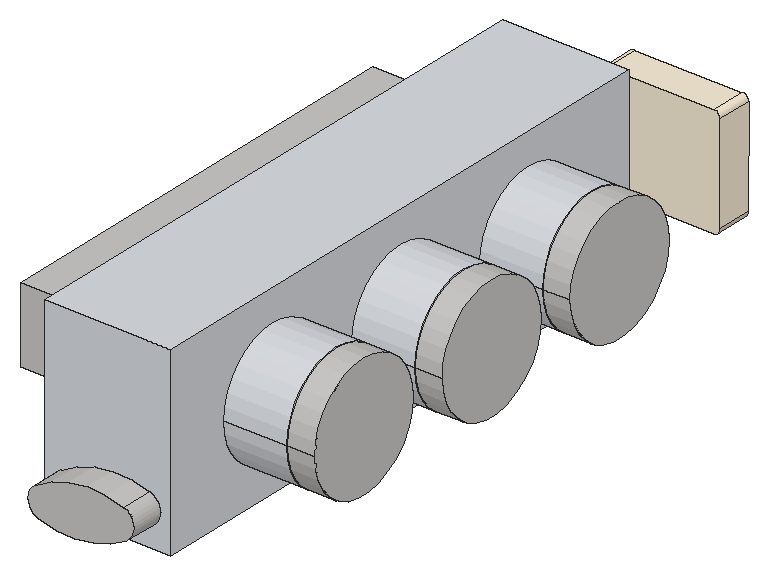
Revit family "HVAC_Ductwork_Airzone_Motorized-Plenum_Kaysun_Standard_3-Dampers", category Mechanical Equipment, Revit 2016
Family settings
  Part Type = Normal
  Round Connector Dimension = Use Diameter
  OmniClass Number = 23.75.70.14
  OmniClass Title = Air Ductwork
  Work Plane-Based = No
  Always vertical = Yes
  Cut with Voids When Loaded = No
  Shared = No
  Room Calculation Point = No
Parameters (values of type "KAYST01S3")
  Voltage = 230 V
  URL = "www.airzone.es"
  Type Image Comments = "Image available in product documentation download"  # constant formula
  Revit Model Version = "1.0"  # constant formula
  Revit Model Author URL = "www.a3d.es"
  Revit Model Author = "A3D Consulting"  # constant formula
  Product Documentation Download URL = "http://doc.airzone.es/BIM/Easyzone/Kaysun-Airzone_motorized_plenum.zip"
  Product Comments = "Refer to technical documentation for further details"  # constant formula
  Power Factor = 1
  Neck Width = 716.600 mm
  Neck Length = 95.000 mm
  Neck Height = 122.600 mm
  Material = Metal - AIRZONE - Galvanized Sheet - Semi-polished
  Main Control Board Material = Plastic - AIRZONE - Smooth - Off-white
  Load Classification = Other
  Insulated Body Width = 205.000 mm  # constant formula
  Insulated Body Material = Metal -AIRZONE - Insulating Lining -Aluminum Finish
  Insulated Body Length = 930.000 mm  # constant formula
  Insulated Body Height = 300.000 mm  # constant formula
  Flow [instance] = Damper 3 Air Flow + Damper 2 Air Flow + Damper 1 Air Flow - Fresh Air Inlet 2 Flow - Fresh Air Inlet 1 Flow  # 900 m³/h
  Fresh Air Inlet 1 Flow [instance] = 0 m³/h
  Fresh Air Inlet 2 Flow [instance] = 0 m³/h
  Fresh Air Inlet Connection Width = 175.000 mm
  Fresh Air Inlet Connection Height = 75.000 mm
  Model = "KAYST01S3"
  Neck Side Offset = 145.200 mm
  Neck Bottom Offset = 139.200 mm
  Type Image = <None>
  Manufacturer = "AIRZONE"  # constant formula
  Main Control Board Depth = 57.000 mm  # constant formula
  Main Control Board Width = 195.000 mm  # constant formula
  Main Control Board Height = 180.000 mm  # constant formula
  Fixing = ""
  Disclaimer = "All information provided in this model is reviewed before being published. However, Airzone cannot guarantee this model is error-free, therefore users are strongly encouraged to check for technical documentation and updates"  # constant formula
  Description = "Airzone standard motorized plenum with neck that mechanically adapts to the main ducted AC units of Kaysun."
  Type Comments = ""
  Dampers Length = 149.000 mm  # constant formula
  Dampers Diameter = 200.000 mm  # constant formula
  Damper 1 Air Flow [instance] = 300 m³/h
  Damper 2 Air Flow [instance] = 300 m³/h
  Damper 3 Air Flow [instance] = 300 m³/h
  Fresh Air Inlet Connection Offset Height = 48.305 mm  # constant formula
  Compatible Accesories = ""
  Apparent Load = 57.5 VA
Reference planes
  plane 1 "Center (Front/Back)": y = 0
  plane 2 "Center (Elevation)": z = 0
  plane 3 "Center (Left/Right)": x = 0
  plane 4 "Neck Back": y = 358.3
  plane 5 "Neck Front": y = -358.3
  plane 6 "Neck Top": z = 61.3
  plane 7 "Neck Bottom": z = -61.3
  plane 8 "Left": x = 95
  plane 9 "Bottom": z = -200.5
  plane 10 "Top": z = 99.5
  plane 11 "Front": y = -426.5
  plane 12 "Back": y = 503.5
  plane 13 "Right": x = 300
  plane 14 "Dampers Front": x = 449
  plane 15 "Dampers Center (Elevation)": z = -50.5
  plane 16 "Damper3": y = -221.5
  plane 17 "Damper2": y = 38.5
  plane 18 "Damper1": y = 298.5
  plane 19 "Middle": y = 38.5
  plane 20 "FreshAir Center (Elevation)": z = -152.195
  plane 21 "FreshAir1": y = 556
  plane 22 "FreshAir2": y = -479
  plane 23 "Dampers Lining": x = 404
  plane 24 "FreshAir Vertical Axis": x = 195.83
  plane 25 "ConnectionBox Side": x = 254
  plane 26 "Main Control Board Center (Left/Right)": x = 351.5
Forms (mm)
  Extrusion 1, solid, material "Metal - AIRZONE - Galvanized Sheet - Semi-polished" <- "Material"
    sketch origin (0, 0, 0) x (0, 1, 0) y (0, 0, 1)
      loop
        line (-358.3, 61.3) -> (-358.3, -61.3) -> (358.3, -61.3) -> (358.3, 61.3) -> (-358.3, 61.3)
    from 0 to 95
  Extrusion 2, solid, material "Metal -AIRZONE - Insulating Lining -Aluminum Finish" <- "Insulated Body Material"
    sketch origin (95, 0, 0) x (0, 1, 0) y (0, 0, 1)
      loop
        line (-426.5, 99.5) -> (-426.5, -200.5) -> (503.5, -200.5) -> (503.5, 99.5) -> (-426.5, 99.5)
    from 0 to 205
  Extrusion 3, solid, material "Metal - AIRZONE - Galvanized Sheet - Semi-polished" <- "Material"
    sketch origin (300, 0, 0) x (0, 1, 0) y (0, 0, 1)
      loop
        circle (-221.5, -50.5) r 100
    from 104 to 149
  Extrusion 4, solid, material "Metal - AIRZONE - Galvanized Sheet - Semi-polished" <- "Material"
    sketch origin (300, 0, 0) x (0, 1, 0) y (0, 0, 1)
      loop
        circle (38.5, -50.5) r 100
    from 104 to 149
  Extrusion 5, solid, material "Metal - AIRZONE - Galvanized Sheet - Semi-polished" <- "Material"
    sketch origin (300, 0, 0) x (0, 1, 0) y (0, 0, 1)
      loop
        circle (298.5, -50.5) r 100
    from 104 to 149
  Extrusion 6, solid, material "Metal - AIRZONE - Galvanized Sheet - Semi-polished" <- "Material"
    sketch origin (0, -426.5, 0) x (0, 0, 1) y (1, 0, 0)
      loop
        arc (-119.641, 265.204) -> (-141.108, 282.105) -> (-165.812, 270.434) r 25.96
        arc (-165.812, 270.434) -> (-191.802, 200.598) -> (-184.349, 126.456) r 164.67
        arc (-184.349, 126.456) -> (-163.165, 109.589) -> (-138.494, 120.751) r 25.96
        arc (-138.494, 120.751) -> (-112.225, 190.78) -> (-119.641, 265.204) r 164.67
    from 0 to -52.5
  Extrusion 7, solid, material "Metal - AIRZONE - Galvanized Sheet - Semi-polished" <- "Material"
    sketch origin (0, 503.5, 0) x (0, 0, 1) y (1, 0, 0)
      loop
        arc (-119.641, 265.204) -> (-140.825, 282.071) -> (-165.496, 270.909) r 25.96
        arc (-165.496, 270.909) -> (-191.679, 201.53) -> (-184.767, 127.699) r 164.67
        arc (-184.767, 127.699) -> (-163.532, 109.637) -> (-138.178, 121.226) r 25.96
        arc (-138.178, 121.226) -> (-112.188, 191.062) -> (-119.641, 265.204) r 164.67
    from 0 to 52.5
  Extrusion 8, solid, material "Metal -AIRZONE - Insulating Lining -Aluminum Finish" <- "Insulated Body Material"
    sketch origin (300, 0, 0) x (0, 1, 0) y (0, 0, 1)
      loop
        circle (298.5, -50.5) r 100
    from 0 to 104
  Extrusion 9, solid, material "Metal -AIRZONE - Insulating Lining -Aluminum Finish" <- "Insulated Body Material"
    sketch origin (300, -260, 0) x (0, 1, 0) y (0, 0, 1)
      loop
        circle (298.5, -50.5) r 100
    from 0 to 104
  Extrusion 10, solid, material "Metal -AIRZONE - Insulating Lining -Aluminum Finish" <- "Insulated Body Material"
    sketch origin (300, -520, 0) x (0, 1, 0) y (0, 0, 1)
      loop
        circle (298.5, -50.5) r 100
    from 0 to 104
Lines and regions (mm)
  Masking region 1
    outline origin (0, 0, 0) x (1, 0, 0) y (0, 1, 0)
      loop
        line (95, 503.5) -> (95, -426.5) -> (300, -426.5) -> (300, 503.5) -> (95, 503.5)
  Masking region 2, detail levels medium+fine
    outline origin (0, 0, 0) x (1, 0, 0) y (0, 1, 0)
      loop
        line (0, 358.3) -> (0, -358.3) -> (95, -358.3) -> (95, 358.3) -> (0, 358.3)
  Masking region 3, detail levels medium+fine
    outline origin (0, 0, 0) x (1, 0, 0) y (0, 1, 0)
      loop
        line (300, -121.5) -> (300, -321.5) -> (449, -321.5) -> (449, -121.5) -> (300, -121.5)
  Masking region 4, detail levels medium+fine
    outline origin (0, 260, 0) x (1, 0, 0) y (0, 1, 0)
      loop
        line (300, -121.5) -> (300, -321.5) -> (449, -321.5) -> (449, -121.5) -> (300, -121.5)
  Masking region 5, detail levels medium+fine
    outline origin (0, 520, 0) x (1, 0, 0) y (0, 1, 0)
      loop
        line (300, -121.5) -> (300, -321.5) -> (449, -321.5) -> (449, -121.5) -> (300, -121.5)
  Masking region 6, detail levels medium+fine
    outline origin (0, 0, -152.195) x (1, 0, 0) y (0, 1, 0)
      loop
        line (108.33, 556) -> (108.33, 503.5) -> (283.33, 503.5) -> (283.33, 556) -> (108.33, 556)
  Masking region 7, detail levels medium+fine
    outline origin (0, 0, -152.195) x (1, 0, 0) y (0, 1, 0)
      loop
        line (108.33, -426.5) -> (108.33, -479) -> (283.33, -479) -> (283.33, -426.5) -> (108.33, -426.5)
  Masking region 8, detail levels medium+fine
    outline origin (0, 0, 99.5) x (0, -1, 0) y (1, 0, 0)
      loop
        line (-560.5, 254) -> (-503.5, 254) -> (-503.5, 449) -> (-560.5, 449) -> (-560.5, 254)
  symbolic lines, detail levels coarse
    curve 1: line (95, -426.5, 0) -> (300, 38.5, 0)
    curve 2: line (300, 38.5, 0) -> (95, 503.5, 0)
Dimensions and locks
  equal spacing: plane 4 "Neck Back", plane 1 "Center (Front/Back)", plane 5 "Neck Front"
  "Neck Width": plane 4 "Neck Back" to plane 5 "Neck Front"
  equal spacing: plane 6 "Neck Top", level, plane 7 "Neck Bottom"
  "Neck Height": plane 6 "Neck Top" to plane 7 "Neck Bottom"
  "Neck Length": plane 3 "Center (Left/Right)" to plane 8 "Left"
  "Neck Bottom Offset": plane 7 "Neck Bottom" to plane 9 "Bottom"
  "Insulated Body Height": plane 10 "Top" to plane 9 "Bottom"
  "Insulated Body Length": plane 12 "Back" to plane 11 "Front"
  "Insulated Body Width": plane 8 "Left" to plane 13 "Right"
  "Dampers Length": plane 13 "Right" to plane 14 "Dampers Front"
  equal spacing: plane 10 "Top", plane 15 "Dampers Center (Elevation)", plane 9 "Bottom"
  plane 18 "Damper1" to plane 17 "Damper2" to plane 16 "Damper3" = 260.000 mm locked, 260.000 mm locked
  equal spacing: plane 12 "Back", plane 19 "Middle", plane 11 "Front"
  plane 8 "Left" to plane 13 "Right" = 205.000 mm
  "Fresh Air Inlet Connection Offset Height": plane 20 "FreshAir Center (Elevation)" to plane 9 "Bottom"
  locked: Extrusion 6 sketch curve to plane 9 "Bottom" at 56.47
  locked: plane 13 "Right" to Extrusion 6 sketch curve at 43.69
  locked: plane 13 "Right" to Extrusion 6 sketch curve at 164.65
  locked: Extrusion 6 sketch curve to plane 9 "Bottom" at 40.54
  locked: plane 13 "Right" to Extrusion 6 sketch curve at 87.91
  locked: plane 9 "Bottom" to Extrusion 6 sketch curve at 75.01
  locked: plane 13 "Right" to Extrusion 6 sketch curve at 120.43
  locked: Extrusion 6 sketch curve to plane 9 "Bottom" at 172.02
  locked: plane 13 "Right" to Extrusion 7 sketch curve at 43.69
  locked: Extrusion 7 sketch curve to plane 9 "Bottom" at 56.47
  locked: Extrusion 7 sketch curve to plane 9 "Bottom" at 40.54
  locked: plane 13 "Right" to Extrusion 7 sketch curve at 164.65
  locked: plane 13 "Right" to Extrusion 7 sketch curve at 120.43
  locked: Extrusion 7 sketch curve to plane 9 "Bottom" at 172.02
  locked: plane 9 "Bottom" to Extrusion 7 sketch curve at 75.01
  locked: plane 13 "Right" to Extrusion 7 sketch curve at 87.91
  "Neck Side Offset": plane 12 "Back" to plane 4 "Neck Back"
  equal spacing: plane 12 "Back", plane 17 "Damper2", plane 11 "Front"
  locked: plane 21 "FreshAir1" to plane 12 "Back" at 52.5
  plane 11 "Front" to plane 22 "FreshAir2" = 52.500 mm
  locked: connector elem to plane 13 "Right" at 104.17
  locked: plane 20 "FreshAir Center (Elevation)" to connector elem
  locked: plane 13 "Right" to connector elem at 104.17
  locked: connector elem to plane 20 "FreshAir Center (Elevation)"
  locked: plane 23 "Dampers Lining" to plane 14 "Dampers Front" at 45
  locked: plane 24 "FreshAir Vertical Axis" to plane 13 "Right" at 104.17
  equal spacing: Masking region 3 sketch curve, plane 16 "Damper3", Masking region 3 sketch curve
  "Dampers Diameter": Masking region 3 sketch curve to Masking region 3 sketch curve
  equal spacing: Masking region 4 sketch curve, plane 17 "Damper2", Masking region 4 sketch curve
  "Dampers Diameter": Masking region 4 sketch curve to Masking region 4 sketch curve
  equal spacing: Masking region 5 sketch curve, plane 18 "Damper1", Masking region 5 sketch curve
  "Dampers Diameter": Masking region 5 sketch curve to Masking region 5 sketch curve
  equal spacing: Masking region 6 sketch curve, plane 24 "FreshAir Vertical Axis", Masking region 6 sketch curve
  "Fresh Air Inlet Connection Width": Masking region 6 sketch curve to Masking region 6 sketch curve
  equal spacing: Masking region 7 sketch curve, plane 24 "FreshAir Vertical Axis", Masking region 7 sketch curve
  "Fresh Air Inlet Connection Width": Masking region 7 sketch curve to Masking region 7 sketch curve
  "Main Control Board Depth": Masking region 8 sketch curve to plane 12 "Back"
  "Main Control Board Width": plane 25 "ConnectionBox Side" to plane 14 "Dampers Front"
  equal spacing: plane 25 "ConnectionBox Side", plane 26 "Main Control Board Center (Left/Right)", plane 14 "Dampers Front"
  locked: nested 1 to plane 10 "Top" at 10
  "Dampers Diameter": diameter of Extrusion 3 sketch curve
  "Dampers Diameter": diameter of Extrusion 4 sketch curve
  "Dampers Diameter": diameter of Extrusion 5 sketch curve
  radius of Extrusion 7 sketch curve = 164.670 mm  (x2)
  radius of Extrusion 7 sketch curve = 25.960 mm  (x2)
  radius of Extrusion 6 sketch curve = 164.670 mm  (x2)
  radius of Extrusion 6 sketch curve = 25.960 mm  (x2)
  "Dampers Diameter": diameter of Extrusion 8 sketch curve
  "Dampers Diameter": diameter of Extrusion 9 sketch curve
  "Dampers Diameter": diameter of Extrusion 10 sketch curve
  aligned and locked: level to plane 2 "Center (Elevation)"
  aligned and locked: plane 5 "Neck Front" to Extrusion 1 sketch curve
  aligned and locked: Extrusion 1 sketch curve to plane 6 "Neck Top"
  aligned and locked: Extrusion 1 sketch curve to plane 4 "Neck Back"
  aligned and locked: plane 7 "Neck Bottom" to Extrusion 1 sketch curve
  aligned and locked: Extrusion 1 to plane 3 "Center (Left/Right)"
  aligned and locked: Extrusion 2 sketch curve to plane 10 "Top"
  aligned and locked: Extrusion 2 sketch curve to plane 12 "Back"
  aligned and locked: plane 9 "Bottom" to Extrusion 2 sketch curve
  aligned and locked: plane 11 "Front" to Extrusion 2 sketch curve
  aligned and locked: plane 13 "Right" to Extrusion 2
  aligned and locked: Extrusion 2 to plane 8 "Left"
  aligned and locked: plane 16 "Damper3" to Extrusion 3 sketch curve
  aligned and locked: plane 15 "Dampers Center (Elevation)" to Extrusion 3 sketch curve
  aligned and locked: plane 17 "Damper2" to Extrusion 4 sketch curve
  aligned and locked: plane 15 "Dampers Center (Elevation)" to Extrusion 4 sketch curve
  aligned and locked: plane 18 "Damper1" to Extrusion 5 sketch curve
  aligned and locked: plane 15 "Dampers Center (Elevation)" to Extrusion 5 sketch curve
  aligned and locked: plane 14 "Dampers Front" to Extrusion 5
  aligned and locked: plane 14 "Dampers Front" to Extrusion 4
  aligned and locked: plane 14 "Dampers Front" to Extrusion 3
  aligned and locked: plane 8 "Left" to Extrusion 1
  aligned and locked: plane 22 "FreshAir2" to Extrusion 6
  aligned and locked: plane 21 "FreshAir1" to Extrusion 7
  aligned and locked: Extrusion 7 to plane 12 "Back"
  aligned and locked: plane 11 "Front" to Extrusion 6
  aligned and locked: Extrusion 5 to plane 23 "Dampers Lining"
  aligned and locked: Extrusion 5 to Extrusion 4
  aligned and locked: Extrusion 4 to Extrusion 3
  aligned and locked: plane 23 "Dampers Lining" to Extrusion 8
  aligned and locked: Extrusion 10 to plane 13 "Right"
  aligned and locked: plane 23 "Dampers Lining" to Extrusion 10
  aligned and locked: Extrusion 9 to plane 13 "Right"
  aligned and locked: plane 23 "Dampers Lining" to Extrusion 9
  aligned and locked: Extrusion 8 to plane 13 "Right"
  aligned and locked: Extrusion 9 to Extrusion 8
  aligned and locked: plane 18 "Damper1" to Extrusion 8 sketch curve
  aligned and locked: plane 15 "Dampers Center (Elevation)" to Extrusion 8 sketch curve
  aligned and locked: plane 17 "Damper2" to Extrusion 9 sketch curve
  aligned and locked: plane 15 "Dampers Center (Elevation)" to Extrusion 9 sketch curve
  aligned and locked: plane 16 "Damper3" to Extrusion 10 sketch curve
  aligned and locked: plane 15 "Dampers Center (Elevation)" to Extrusion 10 sketch curve
  aligned and locked: Masking region 1 sketch curve to plane 12 "Back"
  aligned and locked: plane 8 "Left" to Masking region 1 sketch curve
  aligned and locked: Masking region 1 sketch curve to plane 13 "Right"
  aligned and locked: plane 11 "Front" to Masking region 1 sketch curve
  aligned and locked: plane 5 "Neck Front" to Masking region 2 sketch curve
  aligned and locked: plane 3 "Center (Left/Right)" to Masking region 2 sketch curve
  aligned and locked: Masking region 2 sketch curve to plane 4 "Neck Back"
  aligned and locked: Masking region 2 sketch curve to plane 8 "Left"
  aligned and locked: plane 13 "Right" to Masking region 3 sketch curve
  aligned and locked: Masking region 3 sketch curve to plane 14 "Dampers Front"
  aligned and locked: plane 13 "Right" to Masking region 4 sketch curve
  aligned and locked: Masking region 4 sketch curve to plane 14 "Dampers Front"
  aligned and locked: plane 13 "Right" to Masking region 5 sketch curve
  aligned and locked: Masking region 5 sketch curve to plane 14 "Dampers Front"
  aligned and locked: plane 12 "Back" to Masking region 6 sketch curve
  aligned and locked: Masking region 6 sketch curve to plane 21 "FreshAir1"
  aligned and locked: Masking region 7 sketch curve to plane 11 "Front"
  aligned and locked: Masking region 7 sketch curve to plane 22 "FreshAir2"
  aligned and locked: plane 12 "Back" to Masking region 8 sketch curve
  aligned and locked: Masking region 8 sketch curve to plane 14 "Dampers Front"
  aligned and locked: plane 25 "ConnectionBox Side" to Masking region 8 sketch curve
  aligned and locked: nested 1 to plane 26 "Main Control Board Center (Left/Right)"
Automatic sketch dimensions
  curve 2 to plane 8 "Left" = 0.000 mm
  curve 1 to plane 8 "Left" = 0.000 mm
  curve 1 to plane 13 "Right" = 0.000 mm
  curve 1 to plane 11 "Front" = 0.000 mm
  curve 2 to plane 17 "Damper2" = 0.000 mm
  curve 2 to plane 12 "Back" = 0.000 mm
Nested families
  nested 1: "Airzone_Main-Control-Board" at (351.5, 503.5, -0.5) x (-1, 0, 0) z (0, 1, 0), Extrusion <- "Main Control Board Depth", Height <- "Main Control Board Height", Width <- "Main Control Board Width", Material <- "Main Control Board Material", type "Standard"
    with Width 195.000 mm, Material Plastic - AIRZONE - Smooth - Off-white, Height 180.000 mm, Extrusion 57.000 mm
Connectors
  hvac at (449, -221.5, -50.5), driven by "Damper 3 Air Flow", driven by "Dampers Diameter"
    settings: on Extrusion 3, index 1, duct flow 300 m³/h, flow factor 0, pres drop 0.0 Pa, loss coef 0, conn angle 0.00°, conn width 304.8 mm, conn height 304.8 mm, conn diameter 200 mm, duct sys type 1, conn prof type 0, flow config 0, flow direction 2, loss method 0, conn ref index -1, conn util no, is conn primary no, conn desc "Supply Air Out 3"
  hvac at (449, 38.5, -50.5), driven by "Damper 2 Air Flow", driven by "Dampers Diameter"
    settings: on Extrusion 4, index 2, duct flow 300 m³/h, flow factor 0, pres drop 0.0 Pa, loss coef 0, conn angle 0.00°, conn width 304.8 mm, conn height 304.8 mm, conn diameter 200 mm, duct sys type 1, conn prof type 0, flow config 0, flow direction 2, loss method 0, conn ref index -1, conn util no, is conn primary no, conn desc "Supply Air Out 2"
  hvac at (449, 298.5, -50.5), driven by "Damper 1 Air Flow", driven by "Dampers Diameter"
    settings: on Extrusion 5, index 3, duct flow 300 m³/h, flow factor 0, pres drop 0.0 Pa, loss coef 0, conn angle 0.00°, conn width 304.8 mm, conn height 304.8 mm, conn diameter 200 mm, duct sys type 1, conn prof type 0, flow config 0, flow direction 2, loss method 0, conn ref index -1, conn util no, is conn primary no, conn desc "Supply Air Out 1"
  hvac at (0, 0, 0), driven by "Flow", driven by "Neck Height", driven by "Neck Width"
    settings: on Extrusion 1, index 6, duct flow 900 m³/h, flow factor 0, pres drop 0.0 Pa, loss coef 0, conn angle 0.00°, conn width 716.6 mm, conn height 122.6 mm, conn diameter 609.6 mm, duct sys type 1, conn prof type 1, flow config 1, flow direction 1, loss method 0, conn ref index -1, conn util no, is conn primary yes, conn desc "Supply Air In"
  hvac at (195.83, -479, -152.195), driven by "Fresh Air Inlet 2 Flow", driven by "Fresh Air Inlet Connection Width", driven by "Fresh Air Inlet Connection Height"
    settings: index 7, duct flow 0 m³/h, flow factor 0, pres drop 0.0 Pa, loss coef 0, conn angle 0.00°, conn width 175 mm, conn height 75 mm, conn diameter 609.6 mm, duct sys type 1, conn prof type 2, flow config 1, flow direction 1, loss method 0, conn ref index -1, conn util no, is conn primary no, conn desc "Fresh Air In 2"
  hvac at (195.83, 556, -152.195), driven by "Fresh Air Inlet 1 Flow", driven by "Fresh Air Inlet Connection Height", driven by "Fresh Air Inlet Connection Width"
    settings: index 8, duct flow 0 m³/h, flow factor 0, pres drop 0.0 Pa, loss coef 0, conn angle 0.00°, conn width 175 mm, conn height 75 mm, conn diameter 609.6 mm, duct sys type 1, conn prof type 2, flow config 1, flow direction 1, loss method 0, conn ref index -1, conn util no, is conn primary no, conn desc "Fresh Air In 1"
  electrical at (351.5, 560.5, -0.5), driven by "Load Classification", driven by "Voltage", driven by "Apparent Load", driven by "Power Factor"
    settings: on nested 1, index 9, voltage 230 V, apparent load 57.5 VA, apparent load phase1 0 VA, apparent load phase2 0 VA, apparent load phase3 0 VA, power factor 1, load classification "Other", number of poles 1, system type 30, power factor state 1, is connector primary yes, connector utility no, sub classification motor no, connector description "Power Supply"
Definition of nested family "Airzone_Main-Control-Board"
  Parameters (values of type "Standard")
    Width [instance] = 195.000 mm
    URL = "www.airzone.es"
    Revit Model Version = "1.0"  # constant formula
    Revit Model Author URL = "www.a3d.es"
    Revit Model Author = "A3D Consulting"  # constant formula
    Material [instance] = none
    Manufacturer = "AIRZONE"  # constant formula
    Height [instance] = 180.000 mm
    Extrusion [instance] = 57.000 mm
    Default Elevation = 0.000 mm
  Reference planes
    plane 1 "Center (Front/Back)": y = 0
    plane 2: z = 0
    plane 3 "Center (Left/Right)": x = 0
    plane 4: y = 90
    plane 5: y = -90
    plane 6: x = 97.5
    plane 7: x = -97.5
  Forms (mm)
    Extrusion 1, solid, material <- "Material"
      sketch origin (0, 0, 0) x (1, 0, 0) y (0, 1, 0)
        loop
          arc (-87.5, 90) -> (-94.571, 87.071) -> (-97.5, 80) r 10
          line (-97.5, 80) -> (-97.5, -80)
          arc (-97.5, -80) -> (-94.571, -87.071) -> (-87.5, -90) r 10
          line (-87.5, -90) -> (87.5, -90)
          arc (87.5, -90) -> (94.571, -87.071) -> (97.5, -80) r 10
          line (97.5, -80) -> (97.5, 80)
          arc (97.5, 80) -> (94.571, 87.071) -> (87.5, 90) r 10
          line (87.5, 90) -> (-87.5, 90)
      from 0 to 57 <- "Extrusion"
  Dimensions and locks
    equal spacing: plane 7, plane 3 "Center (Left/Right)", plane 6
    equal spacing: plane 4, plane 1 "Center (Front/Back)", plane 5
    "Width": plane 7 to plane 6
    "Height": plane 4 to plane 5
    radius of Extrusion 1 sketch curve = 10.000 mm  (x4)
    aligned and locked: level to plane 2
    aligned and locked: plane 5 to Extrusion 1 sketch curve
    aligned and locked: Extrusion 1 sketch curve to plane 6
    aligned and locked: Extrusion 1 sketch curve to plane 4
    aligned and locked: plane 7 to Extrusion 1 sketch curve
